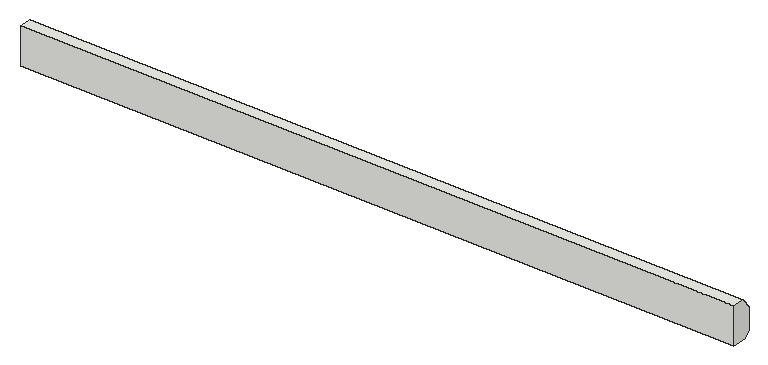
Revit family
Parameters (values of type "100 x 50mm")
  Baseboard Material = Metal - Paint Finish - Ivory, Glossy
  Depth = 50.00 mm
  Height = 100.00 mm
  Length [instance] = 2000.00 mm
  Placement Height = 150.00 mm
Reference planes
  plane 1: y = 0
  plane 2: z = 150
  plane 3: z = 50
  plane 4: y = 126.2
  plane 5: x = -914.4
  plane 6: x = 1085.6
Forms (mm)
  Extrusion 1, solid, material "Metal - Paint Finish - Ivory, Glossy" <- "Baseboard Material"
    sketch origin (1828.8, 0, 0) x (0, 1, 0) y (0, 0, 1)
      loop
        line (75.4, 50) -> (113.5, 50) -> (126.2, 63.578) -> (126.2, 125.478) -> (108.007, 150) -> (75.4, 150) -> (75.4, 50)
    from -743.2 to -2743.2
Lines and regions (mm)
  symbolic lines
    curve 1: line (1085.6, 76.2, 0) -> (-914.4, 76.2, 0)
    curve 2: line (1085.6, 127, 0) -> (1085.6, 76.2, 0)
    curve 3: line (-914.4, 127, 0) -> (1085.6, 127, 0)
    curve 4: line (-914.4, 76.2, 0) -> (-914.4, 127, 0)
Text (mm)
  text "Placement Side" at (0, 1019.848, 3124.603), in view "Right"
  text "Placement Side" at (-1787.662, 723.012, 0), in view "Ref. Level"
  text "Placement Side" at (0, 1206.291, 2099.487), in view "Left"
Dimensions and locks
  "Height": plane 3 to plane 2
  "Length": plane 5 to plane 6
  "Depth": host wall to plane 4
  "Placement Height": level to plane 2
  aligned and locked: plane 5 to Extrusion 1  (x2)
  aligned and locked: plane 6 to Extrusion 1
Automatic sketch dimensions
  Extrusion 1 sketch curve to plane 3 = 0.00 mm
  Extrusion 1 sketch curve to plane 2 = 0.00 mm
  Extrusion 1 sketch curve to plane 4 = 0.00 mm
  plane 4 to Extrusion 1 sketch curve = 12.70 mm
  plane 4 to Extrusion 1 sketch curve = 18.193 mm
  Extrusion 1 sketch curve to Extrusion 1 sketch curve = 38.10 mm
  Extrusion 1 sketch curve to plane 3 = 13.578 mm
  plane 2 to Extrusion 1 sketch curve = 24.522 mm
  curve 1 to plane 5 = 0.00 mm
  curve 3 to plane 6 = 0.00 mm
  curve 1 to curve 2 = 50.80 mm
  curve 1 to host wall = 0.00 mm
